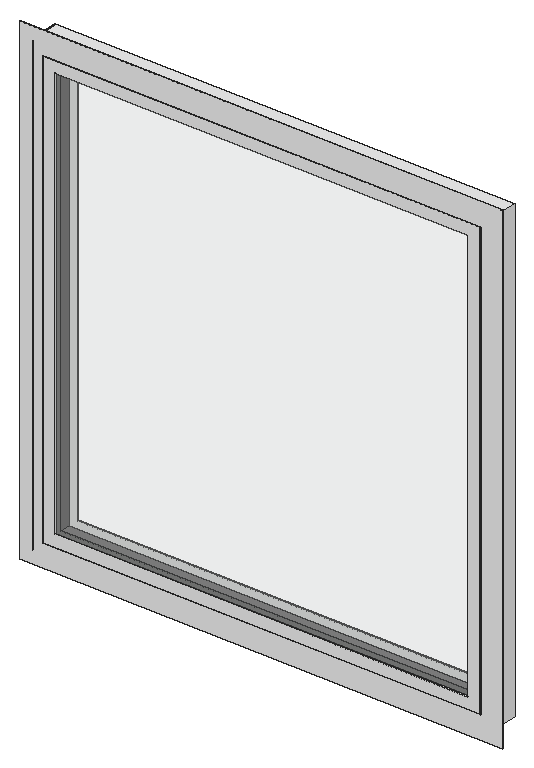
Revit family "Casement_36_B_Side_Hung_Standard", category Windows, host Wall, Revit 2014
Parameters (values of type "Casement_Sash_DG")
  Width Sash [instance] = 30 mm
  Width Sash Inner = 15 mm
  Width Bead = 15 mm
  Top Hung [instance] = yes
  Side Hung Right [instance] = yes
  Side Hung Left [instance] = yes
  Sash Opening Width [instance] = 600 mm
  Sash Opening Height [instance] = 600.312 mm
  Sash Lip = 15 mm
  Glazing Material [instance] = Glass
  DG Start Piece 2 [instance] = DG End Piece 1 + DG Gasket Thickness  # 25 mm
  DG Start Peice 1 [instance] = (Depth Sash - (2 * DG Glazing Thickness) - DG Gasket Thickness) / 2  # 6.6 mm
  Glazing Offset = 5 mm
  DG Glazing Thickness [instance] = 6.4 mm
  DG Gasket Thickness = 12 mm  # constant formula
  DG Gasket Material [instance] = Double Glazing Gasket Material
  DG End Piece 2 [instance] = DG Start Piece 2 + DG Glazing Thickness  # 31.4 mm
  DG End Piece 1 [instance] = DG Start Peice 1 + DG Glazing Thickness  # 13 mm
  Depth Sash [instance] = 38 mm
  Center Vertical Sash [instance] = Sash Opening Height / 2  # 300.156 mm
  Center Horizontal Sash [instance] = Sash Opening Width / 2  # 300 mm
  Bottom Hung [instance] = yes
  Bead Offset = 15 mm
  Aluminium Thickness = 1 mm
  Aluminium Material [instance] = White Powder Coated Aluminium
Reference planes
  plane 1 "Center (Front/Back)": y = 0
  plane 2: z = 0
  plane 3 "Center (Left/Right)": x = 0
Forms (mm)
  Sweep 1, solid, material "White Powder Coated Aluminium" <- "Aluminium Material"
    path origin (16.177, 0, 121.331) x (1, 0, 0) y (0, 0, 1)
      loop
        line (0, 0) -> (600, 0) -> (600, 600.312) -> (0, 600.312) -> (0, 0)
    profile origin (316.177, 0, 121.331) x (0, 0, 1) y (0, -1, 0)
      loop
        line (0, 0) -> (30, 0) -> (30, 1) -> (15, 1) -> (15, 38) -> (-15, 38) -> (-15, 37) -> (0, 37) -> (0, 0)
      loop
        line (14, 1) -> (14, 37) -> (1, 37) -> (1, 1) -> (14, 1)
  Sweep 2, solid, material "White Powder Coated Aluminium" <- "Aluminium Material"
    path origin (0, 0, 0) x (1, 0, 0) y (0, 0, 1)
      loop
        line (31.177, 706.643) -> (31.177, 136.331) -> (601.177, 136.331) -> (601.177, 706.643) -> (31.177, 706.643)
    profile origin (316.177, 0, 706.643) x (0, 0, 1) y (0, -1, 0)
      loop
        line (0, 37) -> (0, 38) -> (-15, 38) -> (-15, 37) -> (0, 37)
  Extrusion 3, solid, material "Glass" <- "Glazing Material"
    sketch origin (0, 0, 0) x (1, 0, 0) y (0, 0, 1)
      loop
        line (36.177, 701.643) -> (36.177, 141.331) -> (596.177, 141.331) -> (596.177, 701.643) -> (36.177, 701.643)
    from 6.6 <- "DG Start Peice 1" to 13 <- "DG End Piece 1"
  Extrusion 4, solid, material "Glass" <- "Glazing Material"
    sketch origin (0, 0, 0) x (1, 0, 0) y (0, 0, 1)
      loop
        line (36.177, 701.643) -> (36.177, 141.331) -> (596.177, 141.331) -> (596.177, 701.643) -> (36.177, 701.643)
    from 31.4 <- "DG End Piece 2" to 25 <- "DG Start Piece 2"
  Sweep 5, solid, material "Double Glazing Gasket Material" <- "DG Gasket Material"
    path origin (0, -13, 0) x (1, 0, 0) y (0, 0, 1)
      loop
        line (36.177, 701.643) -> (36.177, 141.331) -> (596.177, 141.331) -> (596.177, 701.643) -> (36.177, 701.643)
    profile origin (316.177, -13, 701.643) x (0, 0, 1) y (0, -1, 0)
      loop
        line (0, 0) -> (0, 12) -> (-7.96, 12) -> (-7.96, 0) -> (0, 0)
Lines and regions (mm)
  model lines
    curve 1: line (1.177, -38, 736.643) -> (31.177, -38, 706.643)
    curve 2: line (601.177, -38, 706.643) -> (631.177, -38, 736.643)
    curve 3: line (601.177, -38, 136.331) -> (631.177, -38, 106.331)
    curve 4: line (1.177, -38, 106.331) -> (31.177, -38, 136.331)
    curve 5: line (631.177, -37, 736.643) -> (616.177, -37, 721.643)
    curve 6: line (1.177, -37, 736.643) -> (16.177, -37, 721.643)
    curve 7: line (1.177, -37, 106.331) -> (16.177, -37, 121.331)
    curve 8: line (631.177, -37, 106.331) -> (616.177, -37, 121.331)
    curve 9: line (616.177, 0, 121.331) -> (586.177, 0, 151.331)
    curve 10: line (46.177, 0, 151.331) -> (16.177, 0, 121.331)
    curve 11: line (616.177, 0, 721.643) -> (586.177, 0, 691.643)
    curve 12: line (46.177, 0, 691.643) -> (16.177, 0, 721.643)
    curve 13: line (31.177, -38, 691.643) -> (46.177, -38, 691.643)
    curve 14: line (586.177, -38, 691.643) -> (601.177, -38, 691.643)
    curve 15: line (586.177, -38, 151.331) -> (601.177, -38, 151.331)
    curve 16: line (31.177, -38, 151.331) -> (46.177, -38, 151.331)
  model lines, style "GenericModelHiddenLines", visible <- "Top Hung"
    curve 17: line (46.386, -31.4, 690.914) -> (316.177, -31.4, 151.331)
    curve 18: line (316.177, -31.4, 151.331) -> (586.177, -31.4, 691.331)
  model lines, style "GenericModelHiddenLines", visible <- "Bottom Hung"
    curve 19: line (46.177, -31.4, 151.331) -> (316.177, -31.4, 691.331)
    curve 20: line (316.177, -31.4, 691.331) -> (586.177, -31.4, 151.331)
  model lines, style "GenericModelHiddenLines", visible <- "Side Hung Left"
    curve 21: line (46.386, -31.4, 690.914) -> (585.24, -31.4, 421.487)
    curve 22: line (585.24, -31.4, 421.487) -> (46.177, -31.4, 151.331)
  model lines, style "GenericModelHiddenLines", visible <- "Side Hung Right"
    curve 23: line (586.177, -31.4, 691.331) -> (46.177, -31.4, 421.487)
    curve 24: line (46.177, -31.4, 421.487) -> (586.177, -31.4, 151.331)
Dimensions and locks
  "Aluminium Thickness": Sweep 1 sketch curve to Sweep 1 sketch curve  (x4)
  "Depth Sash": Sweep 1 sketch curve to Sweep 1 sketch curve
  "Sash Opening Width": Sweep 1 to Sweep 1
  "Sash Opening Height": Sweep 1 to Sweep 1
  "Width Sash": Sweep 1 sketch curve to Sweep 1 sketch curve  (x2)
  "Width Sash Inner": Sweep 1 sketch curve to Sweep 1 sketch curve
  "Sash Lip": Sweep 1 sketch curve to Sweep 1 sketch curve
  "Aluminium Thickness": Sweep 1 to Sweep 2 sketch curve
  "Glazing Offset": Sweep 2 to Extrusion 3 sketch curve  (x3)
  "Glazing Offset": Extrusion 3 sketch curve to Sweep 2
  Sweep 1 to Sweep 1 = 1 mm
  "Aluminium Thickness": Sweep 2 sketch curve to Sweep 2 sketch curve
  "Width Bead": Sweep 2 sketch curve to Sweep 2 sketch curve
  locked: Sweep 5 sketch curve to Sweep 5 sketch curve at 7.96
  "Center Horizontal Sash": Sweep 1 to curve 18
  "Center Horizontal Sash": Sweep 1 to curve 20
  "Center Vertical Sash": Sweep 1 to curve 22
  "Center Vertical Sash": Sweep 1 to curve 24
  aligned and locked: level to plane 2
  aligned and locked: Sweep 1 sketch curve to Sweep 1 sketch curve  (x2)
  aligned and locked: Sweep 2 sketch curve to Sweep 1  (x5)
  aligned and locked: Extrusion 4 sketch curve to Extrusion 3  (x4)
  aligned and locked: Sweep 5 sketch curve to Extrusion 3  (x5)
  aligned and locked: Extrusion 3 to Sweep 5 sketch curve
Automatic sketch dimensions
  plane 3 "Center (Left/Right)" to Sweep 1 sketch curve = 16.177 mm
  level to Sweep 1 sketch curve = 121.331 mm
  plane 3 "Center (Left/Right)" to Sweep 1 sketch curve = 616.177 mm
  level to Sweep 1 sketch curve = 721.643 mm
  profile plane to Sweep 5 sketch curve = 12 mm
  curve 7 to Sweep 1 = 0 mm  (x4)
  curve 6 to Sweep 1 = 0 mm  (x3)
  Sweep 1 to curve 6 = 0 mm
  curve 5 to Sweep 1 = 0 mm  (x3)
  curve 8 to Sweep 1 = 0 mm  (x4)
  Sweep 1 to curve 5 = 0 mm
  curve 16 to Sweep 2 = 0 mm  (x3)
  curve 13 to Sweep 2 = 0 mm  (x3)
  curve 15 to Sweep 2 = 0 mm
  Sweep 2 to curve 15 = 0 mm  (x2)
  curve 14 to Sweep 2 = 0 mm  (x2)
  Sweep 2 to curve 14 = 0 mm
  curve 1 to Sweep 1 = 0 mm  (x4)
  curve 4 to Sweep 1 = 0 mm  (x3)
  Sweep 1 to curve 4 = 0 mm
  curve 3 to Sweep 1 = 0 mm  (x3)
  curve 2 to Sweep 1 = 0 mm  (x4)
  Sweep 1 to curve 3 = 0 mm
  curve 10 to Sweep 1 = 0 mm  (x4)
  curve 12 to Sweep 1 = 0 mm  (x3)
  Sweep 1 to curve 12 = 0 mm
  curve 9 to Sweep 1 = 0 mm  (x4)
  curve 11 to Sweep 1 = 0 mm  (x3)
  Sweep 1 to curve 11 = 0 mm
  Sweep 1 sketch curve to plane 1 "Center (Front/Back)" = 0 mm
  profile plane to Sweep 1 sketch curve = 0 mm
  curve 21 to Extrusion 4 = 10.208 mm
  curve 19 to Extrusion 4 = 10 mm
  curve 23 to Extrusion 4 = 10 mm  (x2)
  curve 22 to Extrusion 4 = 10.937 mm
  curve 20 to Extrusion 4 = 10 mm
  curve 24 to Extrusion 4 = 10 mm
  curve 22 to Extrusion 4 = 10 mm
  curve 18 to Extrusion 4 = 10 mm
  curve 21 to Extrusion 4 = 10.729 mm
  curve 19 to Extrusion 4 = 10.312 mm
  curve 18 to Extrusion 4 = 10.312 mm
Types in the file's own list only (18): name | Windload Design | Width Sash Opening | Width Sash | Width Profile | Width Panel 4 | Width Panel 1 | Width | URL | Offset Window Exterior | Max System DG Unit Thickness | Max System DG One Piece Thickness | Max Pane Area | Limit Fixed Panel Width Max | Intruderprufe U Value | Intruderprufe SHGC Value | Intruderprufe LowE U Value | Intruderprufe LowE SHGC Value | Intruderprufe Insulated U Value | Intruderprufe Insulated SHGC Value | Intruderprufe Insulated LowE U Value | Intruderprufe Insulated LowE SHGC Value | Height Sash Opening | Height | Energy Advantage U Value | Energy Advantage SHGC Value | DG Thickness Calc | Custom Window Width | Custom Window Height | Window Exterior Offset | Custom Windload | Custom Sash Width | Sash Spacing Inner | Sash Overlap | Sash Center Offset | SG Gasket Thickness | Offset Sash Left | Offset Sash Top | Offset Panel 4 Left | Offset Mullion Left | Offset Bead SG Center Reversed | Model | Manufacturer | Limit Window Width Min | Limit Window Width Max | Limit Window Height Min | Limit Window Height Max | Limit Sash Width Min | Limit Sash Width Max | Limit Sash Height Min | Limit Sash Height Max | Limit Fixed Panel Width Min | Length Mullion | Height Sash | Height Panel 4 | Description | Depth Mullion | Frame Center Offset | Depth Bead | Default Sill Height | Wall Closure | DG Gasket Finish | DG Extrusion Start | Mullion Depth Windload Based | Clearvue U Value | Clearvue Insulated U Value | Clearvue Insulated SHGC Value | Clearvue Insulated LowE U Value | Clearvue Insulated LowE SHGC Value | Casement Dimension | Bead SG Gap | Area Pane Right | Area Pane Left
  36-0909S-1000Pa | 1000 mm | 554 mm | 524 mm | 30 mm | 261 mm | 539 mm | 890 mm | "http://www.crealco.co.za/crealco-products.php" | 18 mm | 25 mm | 6 mm | 0.37 m² | 1500 mm | 6.09 | 0.535 | 4.8 | 0.474 | 4.19 | 0.452 | 3.76 | 0.416 | 844 mm | 890 mm | 4.91 | 0.503 | 4 mm | 890 mm | 890 mm | 0 mm | 1000 mm | 554 mm | 8 mm | 7 mm | 15 mm | 6 mm | 23 mm | 23 mm | 599 mm | 569 mm | 18 mm | "Casement 36" | "Crealco" | 829 mm | 2129 mm | 346 mm | 1346 mm | 300 mm | 600 mm | 300 mm | 1300 mm | 200 mm | 890 mm | 814 mm | 830 mm | "Window 36mm, Type B side hung" | 37 mm | 18 mm | 22 mm | 800 mm | By host | Double Glazing Gasket Material | 8 mm | 37 mm | 6.23 | 4.31 | 0.495 | 3.84 | 0.451 | 36 mm | 13 mm | 0.21 m² | 0.37 m²
  36-1209S-1000Pa | 1000 mm | 554 mm | 524 mm | 30 mm | 561 mm | 539 mm | 1190 mm | "http://www.crealco.co.za/crealco-products.php" | 18 mm | 25 mm | 6 mm | 0.45 m² | 1500 mm | 6.03 | 0.581 | 4.59 | 0.513 | 3.93 | 0.492 | 3.44 | 0.451 | 844 mm | 890 mm | 4.7 | 0.546 | 4 mm | 1190 mm | 890 mm | 0 mm | 1000 mm | 554 mm | 8 mm | 7 mm | 15 mm | 6 mm | 23 mm | 23 mm | 599 mm | 569 mm | 18 mm | "Casement 36" | "Crealco" | 829 mm | 2129 mm | 346 mm | 1346 mm | 300 mm | 600 mm | 300 mm | 1300 mm | 200 mm | 890 mm | 814 mm | 830 mm | "Window 36mm, Type B side hung" | 37 mm | 18 mm | 22 mm | 800 mm | By host | Double Glazing Gasket Material | 8 mm | 37 mm | 6.16 | 4.04 | 0.538 | 3.52 | 0.49 | 36 mm | 13 mm | 0.45 m² | 0.37 m²
  36-1509S-1000Pa | 1000 mm | 554 mm | 524 mm | 30 mm | 861 mm | 539 mm | 1490 mm | "http://www.crealco.co.za/crealco-products.php" | 18 mm | 25 mm | 6 mm | 0.70 m² | 1500 mm | 5.99 | 0.609 | 4.47 | 0.537 | 3.78 | 0.516 | 3.25 | 0.472 | 844 mm | 890 mm | 4.58 | 0.572 | 4 mm | 1490 mm | 890 mm | 0 mm | 1000 mm | 554 mm | 8 mm | 7 mm | 15 mm | 6 mm | 23 mm | 23 mm | 599 mm | 569 mm | 18 mm | "Casement 36" | "Crealco" | 829 mm | 2129 mm | 346 mm | 1346 mm | 300 mm | 600 mm | 300 mm | 1300 mm | 200 mm | 890 mm | 814 mm | 830 mm | "Window 36mm, Type B side hung" | 37 mm | 18 mm | 22 mm | 800 mm | By host | Double Glazing Gasket Material | 8 mm | 37 mm | 6.12 | 3.87 | 0.563 | 3.32 | 0.513 | 36 mm | 13 mm | 0.70 m² | 0.37 m²
  36-0912S-1000Pa | 1000 mm | 554 mm | 524 mm | 30 mm | 261 mm | 539 mm | 890 mm | "http://www.crealco.co.za/crealco-products.php" | 18 mm | 25 mm | 6 mm | 0.52 m² | 1500 mm | 6.07 | 0.556 | 4.71 | 0.493 | 4.08 | 0.471 | 3.62 | 0.432 | 1144 mm | 1190 mm | 4.82 | 0.523 | 4 mm | 890 mm | 1190 mm | 0 mm | 1000 mm | 554 mm | 8 mm | 7 mm | 15 mm | 6 mm | 23 mm | 23 mm | 599 mm | 569 mm | 18 mm | "Casement 36" | "Crealco" | 829 mm | 2129 mm | 346 mm | 1346 mm | 300 mm | 600 mm | 300 mm | 1300 mm | 200 mm | 1190 mm | 1114 mm | 1130 mm | "Window 36mm, Type B side hung" | 37 mm | 18 mm | 22 mm | 800 mm | By host | Double Glazing Gasket Material | 8 mm | 37 mm | 6.21 | 4.19 | 0.515 | 3.71 | 0.469 | 36 mm | 13 mm | 0.28 m² | 0.52 m²
  36-1212S-1000Pa | 1000 mm | 554 mm | 524 mm | 30 mm | 561 mm | 539 mm | 1190 mm | "http://www.crealco.co.za/crealco-products.php" | 18 mm | 25 mm | 6 mm | 0.62 m² | 1500 mm | 6 | 0.603 | 4.51 | 0.532 | 3.82 | 0.511 | 3.3 | 0.469 | 1144 mm | 1190 mm | 4.61 | 0.567 | 4 mm | 1190 mm | 1190 mm | 0 mm | 1000 mm | 554 mm | 8 mm | 7 mm | 15 mm | 6 mm | 23 mm | 23 mm | 599 mm | 569 mm | 18 mm | "Casement 36" | "Crealco" | 829 mm | 2129 mm | 346 mm | 1346 mm | 300 mm | 600 mm | 300 mm | 1300 mm | 200 mm | 1190 mm | 1114 mm | 1130 mm | "Window 36mm, Type B side hung" | 37 mm | 18 mm | 22 mm | 800 mm | By host | Double Glazing Gasket Material | 8 mm | 37 mm | 6.14 | 3.92 | 0.558 | 3.37 | 0.508 | 36 mm | 13 mm | 0.62 m² | 0.52 m²
  36-1512S-1000Pa | 1000 mm | 554 mm | 524 mm | 30 mm | 861 mm | 539 mm | 1490 mm | "http://www.crealco.co.za/crealco-products.php" | 18 mm | 25 mm | 6 mm | 0.95 m² | 1500 mm | 5.96 | 0.63 | 4.38 | 0.556 | 3.66 | 0.536 | 3.1 | 0.489 | 1144 mm | 1190 mm | 4.49 | 0.593 | 4 mm | 1490 mm | 1190 mm | 0 mm | 1000 mm | 554 mm | 8 mm | 7 mm | 15 mm | 6 mm | 23 mm | 23 mm | 599 mm | 569 mm | 18 mm | "Casement 36" | "Crealco" | 829 mm | 2129 mm | 346 mm | 1346 mm | 300 mm | 600 mm | 300 mm | 1300 mm | 200 mm | 1190 mm | 1114 mm | 1130 mm | "Window 36mm, Type B side hung" | 37 mm | 18 mm | 22 mm | 800 mm | By host | Double Glazing Gasket Material | 8 mm | 37 mm | 6.1 | 3.75 | 0.584 | 3.17 | 0.531 | 36 mm | 13 mm | 0.95 m² | 0.52 m²
  36-0909S-1500Pa | 1500 mm | 554 mm | 524 mm | 30 mm | 261 mm | 539 mm | 890 mm | "http://www.crealco.co.za/crealco-products.php" | 18 mm | 25 mm | 6 mm | 0.37 m² | 1500 mm | 6.09 | 0.535 | 4.8 | 0.474 | 4.19 | 0.452 | 3.76 | 0.416 | 844 mm | 890 mm | 4.91 | 0.503 | 4 mm | 890 mm | 890 mm | 0 mm | 1500 mm | 554 mm | 8 mm | 7 mm | 15 mm | 6 mm | 23 mm | 23 mm | 599 mm | 569 mm | 18 mm | "Casement 36" | "Crealco" | 829 mm | 2129 mm | 346 mm | 1346 mm | 300 mm | 600 mm | 300 mm | 1300 mm | 200 mm | 890 mm | 814 mm | 830 mm | "Window 36mm, Type B side hung" | 37 mm | 18 mm | 22 mm | 800 mm | By host | Double Glazing Gasket Material | 8 mm | 37 mm | 6.23 | 4.31 | 0.495 | 3.84 | 0.451 | 36 mm | 13 mm | 0.21 m² | 0.37 m²
  36-0909S-2000Pa | 2000 mm | 554 mm | 524 mm | 30 mm | 261 mm | 539 mm | 890 mm | "http://www.crealco.co.za/crealco-products.php" | 18 mm | 25 mm | 6 mm | 0.37 m² | 1500 mm | 6.09 | 0.535 | 4.8 | 0.474 | 4.19 | 0.452 | 3.76 | 0.416 | 844 mm | 890 mm | 4.91 | 0.503 | 4 mm | 890 mm | 890 mm | 0 mm | 2000 mm | 554 mm | 8 mm | 7 mm | 15 mm | 6 mm | 23 mm | 23 mm | 599 mm | 569 mm | 18 mm | "Casement 36" | "Crealco" | 829 mm | 2129 mm | 346 mm | 1346 mm | 300 mm | 600 mm | 300 mm | 1300 mm | 200 mm | 890 mm | 814 mm | 830 mm | "Window 36mm, Type B side hung" | 37 mm | 18 mm | 22 mm | 800 mm | By host | Double Glazing Gasket Material | 8 mm | 37 mm | 6.23 | 4.31 | 0.495 | 3.84 | 0.451 | 36 mm | 13 mm | 0.21 m² | 0.37 m²
  36-1209S-1500Pa | 1500 mm | 554 mm | 524 mm | 30 mm | 561 mm | 539 mm | 1190 mm | "http://www.crealco.co.za/crealco-products.php" | 18 mm | 25 mm | 6 mm | 0.45 m² | 1500 mm | 6.03 | 0.581 | 4.59 | 0.513 | 3.93 | 0.492 | 3.44 | 0.451 | 844 mm | 890 mm | 4.7 | 0.546 | 4 mm | 1190 mm | 890 mm | 0 mm | 1500 mm | 554 mm | 8 mm | 7 mm | 15 mm | 6 mm | 23 mm | 23 mm | 599 mm | 569 mm | 18 mm | "Casement 36" | "Crealco" | 829 mm | 2129 mm | 346 mm | 1346 mm | 300 mm | 600 mm | 300 mm | 1300 mm | 200 mm | 890 mm | 814 mm | 830 mm | "Window 36mm, Type B side hung" | 37 mm | 18 mm | 22 mm | 800 mm | By host | Double Glazing Gasket Material | 8 mm | 37 mm | 6.16 | 4.04 | 0.538 | 3.52 | 0.49 | 36 mm | 13 mm | 0.45 m² | 0.37 m²
  36-1209S-2000Pa | 2000 mm | 554 mm | 524 mm | 30 mm | 561 mm | 539 mm | 1190 mm | "http://www.crealco.co.za/crealco-products.php" | 18 mm | 25 mm | 6 mm | 0.45 m² | 1500 mm | 6.03 | 0.581 | 4.59 | 0.513 | 3.93 | 0.492 | 3.44 | 0.451 | 844 mm | 890 mm | 4.7 | 0.546 | 4 mm | 1190 mm | 890 mm | 0 mm | 2000 mm | 554 mm | 8 mm | 7 mm | 15 mm | 6 mm | 23 mm | 23 mm | 599 mm | 569 mm | 18 mm | "Casement 36" | "Crealco" | 829 mm | 2129 mm | 346 mm | 1346 mm | 300 mm | 600 mm | 300 mm | 1300 mm | 200 mm | 890 mm | 814 mm | 830 mm | "Window 36mm, Type B side hung" | 37 mm | 18 mm | 22 mm | 800 mm | By host | Double Glazing Gasket Material | 8 mm | 37 mm | 6.16 | 4.04 | 0.538 | 3.52 | 0.49 | 36 mm | 13 mm | 0.45 m² | 0.37 m²
  36-1509S-1500Pa | 1500 mm | 554 mm | 524 mm | 30 mm | 861 mm | 539 mm | 1490 mm | "http://www.crealco.co.za/crealco-products.php" | 18 mm | 25 mm | 6 mm | 0.70 m² | 1500 mm | 5.99 | 0.609 | 4.47 | 0.537 | 3.78 | 0.516 | 3.25 | 0.472 | 844 mm | 890 mm | 4.58 | 0.572 | 4 mm | 1490 mm | 890 mm | 0 mm | 1500 mm | 554 mm | 8 mm | 7 mm | 15 mm | 6 mm | 23 mm | 23 mm | 599 mm | 569 mm | 18 mm | "Casement 36" | "Crealco" | 829 mm | 2129 mm | 346 mm | 1346 mm | 300 mm | 600 mm | 300 mm | 1300 mm | 200 mm | 890 mm | 814 mm | 830 mm | "Window 36mm, Type B side hung" | 37 mm | 18 mm | 22 mm | 800 mm | By host | Double Glazing Gasket Material | 8 mm | 37 mm | 6.12 | 3.87 | 0.563 | 3.32 | 0.513 | 36 mm | 13 mm | 0.70 m² | 0.37 m²
  36-1509S-2000Pa | 2000 mm | 554 mm | 524 mm | 30 mm | 861 mm | 539 mm | 1490 mm | "http://www.crealco.co.za/crealco-products.php" | 18 mm | 25 mm | 6 mm | 0.70 m² | 1500 mm | 5.99 | 0.609 | 4.47 | 0.537 | 3.78 | 0.516 | 3.25 | 0.472 | 844 mm | 890 mm | 4.58 | 0.572 | 4 mm | 1490 mm | 890 mm | 0 mm | 2000 mm | 554 mm | 8 mm | 7 mm | 15 mm | 6 mm | 23 mm | 23 mm | 599 mm | 569 mm | 18 mm | "Casement 36" | "Crealco" | 829 mm | 2129 mm | 346 mm | 1346 mm | 300 mm | 600 mm | 300 mm | 1300 mm | 200 mm | 890 mm | 814 mm | 830 mm | "Window 36mm, Type B side hung" | 37 mm | 18 mm | 22 mm | 800 mm | By host | Double Glazing Gasket Material | 8 mm | 37 mm | 6.12 | 3.87 | 0.563 | 3.32 | 0.513 | 36 mm | 13 mm | 0.70 m² | 0.37 m²
  36-0912S-1500Pa | 1500 mm | 554 mm | 524 mm | 30 mm | 261 mm | 539 mm | 890 mm | "http://www.crealco.co.za/crealco-products.php" | 18 mm | 25 mm | 6 mm | 0.52 m² | 1500 mm | 6.07 | 0.556 | 4.71 | 0.493 | 4.08 | 0.471 | 3.62 | 0.432 | 1144 mm | 1190 mm | 4.82 | 0.523 | 4 mm | 890 mm | 1190 mm | 0 mm | 1500 mm | 554 mm | 8 mm | 7 mm | 15 mm | 6 mm | 23 mm | 23 mm | 599 mm | 569 mm | 18 mm | "Casement 36" | "Crealco" | 829 mm | 2129 mm | 346 mm | 1346 mm | 300 mm | 600 mm | 300 mm | 1300 mm | 200 mm | 1190 mm | 1114 mm | 1130 mm | "Window 36mm, Type B side hung" | 37 mm | 18 mm | 22 mm | 800 mm | By host | Double Glazing Gasket Material | 8 mm | 37 mm | 6.21 | 4.19 | 0.515 | 3.71 | 0.469 | 36 mm | 13 mm | 0.28 m² | 0.52 m²
  36-0912S-2000Pa | 2000 mm | 554 mm | 524 mm | 30 mm | 261 mm | 539 mm | 890 mm | "http://www.crealco.co.za/crealco-products.php" | 18 mm | 25 mm | 6 mm | 0.52 m² | 1500 mm | 6.07 | 0.556 | 4.71 | 0.493 | 4.08 | 0.471 | 3.62 | 0.432 | 1144 mm | 1190 mm | 4.82 | 0.523 | 4 mm | 890 mm | 1190 mm | 0 mm | 2000 mm | 554 mm | 8 mm | 7 mm | 15 mm | 6 mm | 23 mm | 23 mm | 599 mm | 569 mm | 18 mm | "Casement 36" | "Crealco" | 829 mm | 2129 mm | 346 mm | 1346 mm | 300 mm | 600 mm | 300 mm | 1300 mm | 200 mm | 1190 mm | 1114 mm | 1130 mm | "Window 36mm, Type B side hung" | 37 mm | 18 mm | 22 mm | 800 mm | By host | Double Glazing Gasket Material | 8 mm | 37 mm | 6.21 | 4.19 | 0.515 | 3.71 | 0.469 | 36 mm | 13 mm | 0.28 m² | 0.52 m²
  36-1212S-1500Pa | 1500 mm | 554 mm | 524 mm | 30 mm | 561 mm | 539 mm | 1190 mm | "http://www.crealco.co.za/crealco-products.php" | 18 mm | 25 mm | 6 mm | 0.62 m² | 1500 mm | 6 | 0.603 | 4.51 | 0.532 | 3.82 | 0.511 | 3.3 | 0.469 | 1144 mm | 1190 mm | 4.61 | 0.567 | 4 mm | 1190 mm | 1190 mm | 0 mm | 1500 mm | 554 mm | 8 mm | 7 mm | 15 mm | 6 mm | 23 mm | 23 mm | 599 mm | 569 mm | 18 mm | "Casement 36" | "Crealco" | 829 mm | 2129 mm | 346 mm | 1346 mm | 300 mm | 600 mm | 300 mm | 1300 mm | 200 mm | 1190 mm | 1114 mm | 1130 mm | "Window 36mm, Type B side hung" | 37 mm | 18 mm | 22 mm | 800 mm | By host | Double Glazing Gasket Material | 8 mm | 37 mm | 6.14 | 3.92 | 0.558 | 3.37 | 0.508 | 36 mm | 13 mm | 0.62 m² | 0.52 m²
  36-1212S-2000Pa | 2000 mm | 554 mm | 524 mm | 30 mm | 561 mm | 539 mm | 1190 mm | "http://www.crealco.co.za/crealco-products.php" | 18 mm | 25 mm | 6 mm | 0.62 m² | 1500 mm | 6 | 0.603 | 4.51 | 0.532 | 3.82 | 0.511 | 3.3 | 0.469 | 1144 mm | 1190 mm | 4.61 | 0.567 | 4 mm | 1190 mm | 1190 mm | 0 mm | 2000 mm | 554 mm | 8 mm | 7 mm | 15 mm | 6 mm | 23 mm | 23 mm | 599 mm | 569 mm | 18 mm | "Casement 36" | "Crealco" | 829 mm | 2129 mm | 346 mm | 1346 mm | 300 mm | 600 mm | 300 mm | 1300 mm | 200 mm | 1190 mm | 1114 mm | 1130 mm | "Window 36mm, Type B side hung" | 37 mm | 18 mm | 22 mm | 800 mm | By host | Double Glazing Gasket Material | 8 mm | 37 mm | 6.14 | 3.92 | 0.558 | 3.37 | 0.508 | 36 mm | 13 mm | 0.62 m² | 0.52 m²
  36-1512S-1500Pa | 1500 mm | 554 mm | 524 mm | 30 mm | 861 mm | 539 mm | 1490 mm | "http://www.crealco.co.za/crealco-products.php" | 18 mm | 25 mm | 6 mm | 0.95 m² | 1500 mm | 5.96 | 0.63 | 4.38 | 0.556 | 3.66 | 0.536 | 3.1 | 0.489 | 1144 mm | 1190 mm | 4.49 | 0.593 | 4 mm | 1490 mm | 1190 mm | 0 mm | 1500 mm | 554 mm | 8 mm | 7 mm | 15 mm | 6 mm | 23 mm | 23 mm | 599 mm | 569 mm | 18 mm | "Casement 36" | "Crealco" | 829 mm | 2129 mm | 346 mm | 1346 mm | 300 mm | 600 mm | 300 mm | 1300 mm | 200 mm | 1190 mm | 1114 mm | 1130 mm | "Window 36mm, Type B side hung" | 37 mm | 18 mm | 22 mm | 800 mm | By host | Double Glazing Gasket Material | 8 mm | 37 mm | 6.1 | 3.75 | 0.584 | 3.17 | 0.531 | 36 mm | 13 mm | 0.95 m² | 0.52 m²
  36-1512S-2000Pa | 2000 mm | 554 mm | 524 mm | 30 mm | 861 mm | 539 mm | 1490 mm | "http://www.crealco.co.za/crealco-products.php" | 18 mm | 25 mm | 6 mm | 0.95 m² | 1500 mm | 5.96 | 0.63 | 4.38 | 0.556 | 3.66 | 0.536 | 3.1 | 0.489 | 1144 mm | 1190 mm | 4.49 | 0.593 | 4 mm | 1490 mm | 1190 mm | 0 mm | 2000 mm | 554 mm | 8 mm | 7 mm | 15 mm | 6 mm | 23 mm | 23 mm | 599 mm | 569 mm | 18 mm | "Casement 36" | "Crealco" | 829 mm | 2129 mm | 346 mm | 1346 mm | 300 mm | 600 mm | 300 mm | 1300 mm | 200 mm | 1190 mm | 1114 mm | 1130 mm | "Window 36mm, Type B side hung" | 37 mm | 18 mm | 22 mm | 800 mm | By host | Double Glazing Gasket Material | 8 mm | 37 mm | 6.1 | 3.75 | 0.584 | 3.17 | 0.531 | 36 mm | 13 mm | 0.95 m² | 0.52 m²
